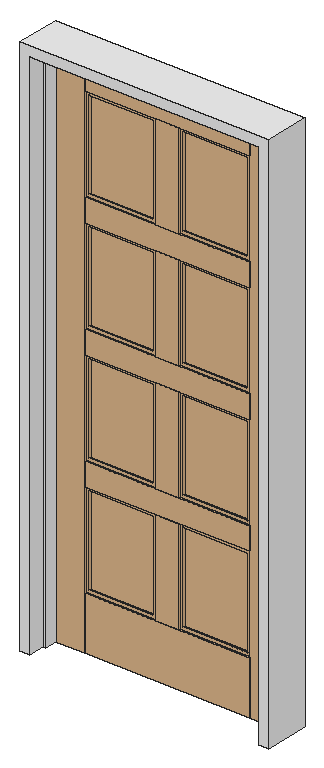
Revit family
Parameters (values of type "1 3/4" Flat Panel")
  URL = "http://www.karonadoor.com"
  Thickness Note = "Do not edit thickness."  # constant formula
  Thickness = 1.774"
  Swing Angle 2D = 90.00°
  SmartBIM Object Version = 1  # constant formula
  SmartBIM Object Created By = "Reed Construction Data"  # constant formula
  Rough Width = 0.000"
  Rough Height = 1.750"
  Panel = Panel_K5810_Karona : 1 3/4" - Flat Panel
  Model = "K5810 Mission"  # constant formula
  Manufacturer = "Karona , Inc."  # constant formula
  Detail Door Thickness = 1.750"
  Assembly Code = ""
  Top Rail Height = 5.000"
  Top Rail = Wood, Cherry - Grain Horizontal
  Stile Width = 5.063"
  Stile = Wood, Cherry - Grain Vertical
  Sticking = Wood, Cherry - Grain Vertical
  Middle Rail = Wood, Cherry - Grain Horizontal
  Height = 84.000"
  Wall Closure = (empty or 0)
  Width = 36.000"
  Frame = Metal
  Bottom Rail Height = 8.500"
  Bottom Rail = Wood, Cherry - Grain Horizontal
  95 CSI = "08210"  # constant formula
  04 CSI = "08 14 33"  # constant formula
Types (9): name | Thickness | Rough Height | Panel | Detail Door Thickness
  1 3/4" Flat Panel | 1.774" | 1.750" | Panel_K5810_Karona : 1 3/4" - Flat Panel | 1.750"
  1 3/8" Flat Panel | 1.334" | 0.000" | Panel_K5810_Karona : 1 3/8" - Flat Panel | 1.375"
  2 1/4" Flat Panel | 2.250" | 0.000" | Panel_K5810_Karona : 2 1/4" - Flat Panel | 2.250"
  1 3/4" Glass Panel | 1.774" | 1.750" | Panel_K5810_Karona : 1 3/4" - Glass Panel | 1.750"
  1 3/8" Glass Panel | 1.334" | 0.000" | Panel_K5810_Karona : 1 3/8" - Glass Panel | 1.375"
  2 1/4" Glass Panel | 2.250" | 0.000" | Panel_K5810_Karona : 2 1/4" - Glass | 2.250"
  1 3/4" Raised Panel | 1.774" | 1.750" | Panel_K5810_Karona : 1 3/4" - Raised Panel | 1.750"
  1 3/8" Raised Panel | 1.334" | 0.000" | Panel_K5810_Karona : 1 3/8" - Raised Panel | 1.375"
  2 1/4" Raised Panel | 2.250" | 0.000" | Panel_K5810_Karona : 2 1/4" - Raised Panel | 2.250"
Reference planes (in)
  plane 1 "Center (Front/Back)": y = 0
  plane 2 "Center (Left/Right)": x = 0
  plane 3 "Left": x = -18
  plane 4 "Right": x = 18
  plane 5 "Top": z = 84
  plane 6 "Exterior Edge of Frame": y = 3.5
  plane 7 "Interior Edge of Frame": y = -3.5
  plane 8: y = 1
  plane 9: y = -1
  plane 10 "Opening Left": x = -19.5
  plane 11 "Opening Right": x = 19.5
  plane 12 "Top of Opening": z = 85.5
  plane 13: x = -17.5
Forms (in)
  Sweep 1, solid, material "Metal" <- "Frame"
    path origin (0, 0, 0) x (1, 0, 0) y (0, 0, 1)
      loop
        line (-19.5, 0) -> (-19.5, 85.5) -> (19.5, 85.5) -> (19.5, 0)
    profile origin (-19.5, 0, 42.75) x (-1, 0, 0) y (0, -1, 0)
      loop
        line (0, -3.5) -> (0, 3.5) -> (-1.5, 3.5) -> (-1.5, 1) -> (-2, 1) -> (-2, -1) -> (-1.5, -1) -> (-1.5, -3.5) -> (0, -3.5)
Lines and regions (in)
  Opening 1
    outline origin (-90, -3, 0) x (1, 0, 0) y (0, 0, 1)
      loop
        line (70.5, 0) -> (109.5, 0) -> (109.5, 85.5) -> (70.5, 85.5) -> (70.5, 0)
  symbolic lines, style "Elevation Swing"
    curve 1: line (18, 3, 0) -> (-18, 3, 42)
    curve 2: line (-18, 3, 42) -> (18, 3, 84)
Text (in)
  text "Exterior" at (-46.13199, 20.20143, 0), in view "Ref. Level"
  text "Interior" at (-46.13199, -10.56751, 0), in view "Ref. Level"
  text "Exterior" at (0, 40.15149, 123.01588), in view "Right"
  text "Interior" at (0, -64.39139, 123.01588), in view "Right"
  text "Interior" at (0, -31.01599, 123.00693), in view "Left"
  text "Exterior" at (0, 54.57065, 123.00693), in view "Left"
Dimensions and locks (in)
  "Height": level to plane 5 "Top"
  "Width": plane 3 "Left" to plane 4 "Right"
  equal spacing: host wall, curve 2, plane 5 "Top"
  locked: host wall to plane 7 "Interior Edge of Frame" at 0.5
  locked: plane 6 "Exterior Edge of Frame" to host wall at 0.5
  locked: plane 9 to plane 7 "Interior Edge of Frame" at 2.5
  locked: plane 6 "Exterior Edge of Frame" to plane 8 at 2.5
  equal spacing: plane 3 "Left", plane 2 "Center (Left/Right)", plane 4 "Right"
  locked: plane 4 "Right" to plane 11 "Opening Right" at 1.5
  locked: plane 5 "Top" to plane 12 "Top of Opening" at 1.5
  locked: plane 3 "Left" to plane 13 at 0.5
  locked: plane 10 "Opening Left" to plane 3 "Left" at 1.5
  aligned and locked: Opening 1 sketch curve to level
  aligned and locked: plane 4 "Right" to curve 1
  aligned and locked: plane 3 "Left" to curve 1
  aligned and locked: plane 5 "Top" to curve 2
  aligned and locked: Opening 1 sketch curve to plane 11 "Opening Right"
  aligned and locked: plane 12 "Top of Opening" to Opening 1 sketch curve
  aligned and locked: Opening 1 sketch curve to plane 10 "Opening Left"
  aligned and locked: plane 10 "Opening Left" to Sweep 1 sketch curve
  aligned and locked: plane 12 "Top of Opening" to Sweep 1 sketch curve
  aligned and locked: plane 11 "Opening Right" to Sweep 1 sketch curve
  aligned and locked: level to Sweep 1 sketch curve  (x2)
  aligned and locked: Sweep 1 sketch curve to plane 10 "Opening Left"
  aligned and locked: Sweep 1 sketch curve to plane 6 "Exterior Edge of Frame"
  aligned and locked: Sweep 1 sketch curve to plane 7 "Interior Edge of Frame"
  aligned and locked: Sweep 1 sketch curve to plane 8
  aligned and locked: Sweep 1 sketch curve to plane 9
  aligned and locked: plane 13 to Sweep 1 sketch curve
  aligned and locked: plane 3 "Left" to Sweep 1 sketch curve  (x2)
  aligned and locked: nested 1 to plane 2 "Center (Left/Right)"
  aligned and locked: nested 1 to plane 8
  aligned and locked: nested 2 to plane 3 "Left"
  aligned and locked: nested 2 to plane 8
Automatic sketch dimensions
  curve 1 to level = 0.000"
  curve 2 to plane 4 "Right" = 0.000"
Nested families (in)
  nested 1: "Panel_K5810_Karona" at (-13.5, 0.6591, 0) x (-1, 0, 0) z (0, 0, 1), type <- "Panel", type "1 3/4" - Flat Panel"
    with Top Rail Height 5.000", Top Panel Offset 12.45313", Stile Width 5.063", Panel Width 11.1245", Panel Height 14.90625", Half Panel Width 5.56225", Half Panel Height 7.45313", Cross Rail and Panel Spacing Start 9.26562", Cross Rail Panel Height 18.53125", Bottom Rail Height 8.500"
  nested 2: "Door Panel Plan View" at (-31.5, 1, 0) x (-1, 0, 0) z (0, 0, 1), type "Door Panel Plan View"
    with Thickness 1.750", Height 84.000"
Definition of nested family "Panel_K5810_Karona"
  Parameters (values of type "1 3/4" - Flat Panel")
    Width = 36.000"
    Top Rail Material = Wood, Cherry - Grain Horizontal
    Top Rail Height = 10.000"
    Top Panel Offset = Top Rail Height + Half Panel Height  # 16.64063"
    Thickness Note = "Do not change door thickness"  # constant formula
    Thickness = 1.774"
    Stile Width = 8.000"
    Stile Material = Wood, Cherry - Grain Vertical
    Sticking Material = Wood, Cherry - Grain Vertical
    Panel Width = (Width - (3.625" + Stile Width + Stile Width)) / 2  # 8.1875"
    Panel Height = (Height - (Bottom Rail Height + Top Rail Height) - (3 * Mullion Width)) / 4  # 13.28125"
    Panel = Glass-Sticking-Assembly-Mission_Karona : Flat Panel
    Mullion Width = 3.625"  # constant formula
    Interior Panel = Wood, Cherry - Grain Vertical
    Height = 84.000"
    Half Panel Width = 0.5 * Panel Width  # 4.09375"
    Half Panel Height = 0.5 * Panel Height  # 6.64063"
    Exterior Edge - Glass Bottom Offset = if(Thickness = 1.774", 0.567", if(Thickness = 2.250", 0.803", 0.469"))  # 0.567"
    Door Panel Material = Wood, Cherry - Grain Vertical
    Default Elevation = 0.000"  # constant formula
    Cross Rail and Panel Spacing Start = Half Panel Height + 0.5 * (3.625")  # 8.45313"
    Cross Rail Panel Height = Panel Height + 3.625"  # 16.90625"
    Bottom Rail Material = Wood, Cherry - Grain Horizontal
    Bottom Rail Height = 10.000"
    Assembly Code = ""
  Types (9): name | Top Rail Height | Top Panel Offset | Thickness | Stile Width | Panel Width | Panel Height | Panel | Interior Panel | Half Panel Width | Half Panel Height | Exterior Edge - Glass Bottom Offset | Cross Rail and Panel Spacing Start | Cross Rail Panel Height | Bottom Rail Height
    2 1/4" - Flat Panel | 5.000" | 12.45313" | 2.250" | 5.250" | 10.9375" | 14.90625" | Glass-Sticking-Assembly-Mission_Karona : Flat Panel | Wood, Cherry - Grain Vertical | 5.46875" | 7.45313" | 0.803" | 9.26562" | 18.53125" | 8.500"
    2 1/4" - Glass | 5.000" | 12.45313" | 2.250" | 5.250" | 10.9375" | 14.90625" | Glass-Sticking-Assembly-Mission_Karona : Glass Panel | Glass | 5.46875" | 7.45313" | 0.803" | 9.26562" | 18.53125" | 8.500"
    2 1/4" - Raised Panel | 5.000" | 12.45313" | 2.250" | 5.250" | 10.9375" | 14.90625" | Glass-Sticking-Assembly-Mission_Karona : Raised Panel | Wood, Cherry - Grain Vertical | 5.46875" | 7.45313" | 0.803" | 9.26562" | 18.53125" | 8.500"
    1 3/4" - Raised Panel | 5.000" | 12.45313" | 1.774" | 5.250" | 10.9375" | 14.90625" | Glass-Sticking-Assembly-Mission_Karona : Raised Panel | Wood, Cherry - Grain Vertical | 5.46875" | 7.45313" | 0.567" | 9.26562" | 18.53125" | 8.500"
    1 3/4" - Flat Panel | 10.000" | 16.64063" | 1.774" | 8.000" | 8.1875" | 13.28125" | Glass-Sticking-Assembly-Mission_Karona : Flat Panel | Wood, Cherry - Grain Vertical | 4.09375" | 6.64063" | 0.567" | 8.45313" | 16.90625" | 10.000"
    1 3/4" - Glass Panel | 5.000" | 12.45313" | 1.774" | 5.250" | 10.9375" | 14.90625" | Glass-Sticking-Assembly-Mission_Karona : Glass Panel | Glass | 5.46875" | 7.45313" | 0.567" | 9.26562" | 18.53125" | 8.500"
    1 3/8" - Raised Panel | 5.000" | 12.45313" | 1.334" | 5.250" | 10.9375" | 14.90625" | Glass-Sticking-Assembly-Mission_Karona : Raised Panel | Wood, Cherry - Grain Vertical | 5.46875" | 7.45313" | 0.469" | 9.26562" | 18.53125" | 8.500"
    1 3/8" - Glass Panel | 5.000" | 12.45313" | 1.334" | 5.250" | 10.9375" | 14.90625" | Glass-Sticking-Assembly-Mission_Karona : Glass Panel | Glass | 5.46875" | 7.45313" | 0.469" | 9.26562" | 18.53125" | 8.500"
    1 3/8" - Flat Panel | 5.000" | 12.45313" | 1.334" | 5.250" | 10.9375" | 14.90625" | Glass-Sticking-Assembly-Mission_Karona : Flat Panel | Wood, Cherry - Grain Horizontal | 5.46875" | 7.45313" | 0.469" | 9.26562" | 18.53125" | 8.500"
  Reference planes (in)
    plane 1 "Center (Front/Back)": y = 1.2279
    plane 2: z = 0
    plane 3 "Center (Left/Right)": x = -13.5
    plane 4 "Left": x = -31.5
    plane 5: x = 4.5
    plane 6 "Inner Left": x = -23.5
    plane 7 "Inner Right": x = -3.5
    plane 8: z = 10
    plane 9 "Bottom Of Top Rail": z = 74
    plane 10 "Top": z = 84
    plane 11 "Interior Edge of Door": y = 2.1149
    plane 12: z = 74
    plane 13 "Exterior Edge of Door": y = 0.3409
    plane 14 "Bottom of Glass": y = 0.9095
    plane 15 "Left Panel Vertical Midline": x = -19.40625
    plane 16 "Right Panel Vertical Midline": x = -7.59375
    plane 17 "Center of Left Vertical Mullion": x = -17.14075
    plane 18 "Center of Right Vertical Mullion": x = -9.85925
    plane 19 "Horizontal Midline Panel 2": z = 66.78125
    plane 20 "Horizontal Midline Panel 3": z = 43.8125
    plane 21 "Horizontal Midline Panel 4": z = 40.1875
    plane 22 "Horizontal Midline Panel 5": z = 25.09375
    plane 23 "Cross Rail 3": z = 45.9375
    plane 24 "Cross Rail 4": z = 26.90625
    plane 25 "Cross Rail Bottom": z = 23.28125
    plane 26 "Horizontal Midline Panel 6": z = 16.64063
    plane 27: z = 67.35938
    plane 28 "Cross Rail 2": z = 57.09375
    plane 29 "Cross Rail Top": z = 60.71875
    plane 30: z = 50.45313
    plane 31: z = 33.54688
    plane 32: x = -15.313
    plane 33: x = -11.688
  Forms (in)
    Extrusion 1, solid, material "Wood, Cherry - Grain Horizontal" <- "Bottom Rail Material"
      sketch origin (0, -101.3125, 0) x (1, 0, 0) y (0, 0, 1)
        loop
          line (-23.5, 0) -> (-3.5, 0) -> (-3.5, 10) -> (-23.5, 10) -> (-23.5, 0)
      from -101.6534 to -103.4274
    Extrusion 2, solid, material "Wood, Cherry - Grain Vertical" <- "Stile Material"
      sketch origin (0, 1.2279, 0) x (1, 0, 0) y (0, 0, 1)
        loop
          line (-31.5, 84) -> (-31.5, 0) -> (-23.5, 0) -> (-23.5, 84) -> (-31.5, 84)
        loop
          line (-3.5, 0) -> (4.5, 0) -> (4.5, 84) -> (-3.5, 84) -> (-3.5, 0)
      from 0.887 to -0.887
    Extrusion 3, solid, material "Wood, Cherry - Grain Horizontal" <- "Top Rail Material"
      sketch origin (0, 1.2279, 0) x (1, 0, 0) y (0, 0, 1)
        loop
          line (-23.5, 84) -> (-23.5, 74) -> (-3.5, 74) -> (-3.5, 84) -> (-23.5, 84)
      from 0.887 to -0.887
    Extrusion 4, solid, material "Wood, Cherry - Grain Horizontal" <- "Top Rail Material"
      sketch origin (-3.55, 1.5475, 73.95) x (0, 0, -1) y (0, -1, 0)
        loop
          line (13.23125, -0.5674) -> (16.85625, -0.5674) -> (16.85625, 1.2066) -> (13.23125, 1.2066) -> (13.23125, -0.5674)
        loop
          line (50.66875, 1.2066) -> (47.04375, 1.2066) -> (47.04375, -0.5674) -> (50.66875, -0.5674) -> (50.66875, 1.2066)
        loop
          line (30.1375, -0.5674) -> (33.7625, -0.5674) -> (33.7625, 1.2066) -> (30.1375, 1.2066) -> (30.1375, -0.5674)
      from -0.05 to 19.95
    Extrusion 5, solid, material "Wood, Cherry - Grain Vertical" <- "Stile Material"
      sketch origin (0, 1.2279, 0) x (1, 0, 0) y (0, 0, 1)
        loop
          line (-15.313, 74) -> (-15.313, 60.71875) -> (-11.688, 60.71875) -> (-11.688, 74) -> (-15.313, 74)
        loop
          line (-15.313, 10) -> (-11.688, 10) -> (-11.688, 23.28125) -> (-15.313, 23.28125) -> (-15.313, 10)
        loop
          line (-15.313, 57.09375) -> (-15.313, 43.8125) -> (-11.688, 43.8125) -> (-11.688, 57.09375) -> (-15.313, 57.09375)
        loop
          line (-15.313, 40.1875) -> (-15.313, 26.90625) -> (-11.688, 26.90625) -> (-11.688, 40.1875) -> (-15.313, 40.1875)
      from -0.887 to 0.887
  Text (in)
    text "EXTERIOR" at (-34.59289, -1.27941, 0), in view "Ref. Level"
    text "EXTERIOR" at (0, -9.65287, 72.76687), in view "Left"
    text "EXTERIOR" at (0, -33.33473, 96.68074), in view "Right"
  Dimensions and locks (in)
    equal spacing: plane 4 "Left", plane 3 "Center (Left/Right)", plane 5
    "Width": plane 4 "Left" to plane 5
    "Stile Width": plane 4 "Left" to plane 6 "Inner Left"
    "Stile Width": plane 5 to plane 7 "Inner Right"
    "Bottom Rail Height": plane 8 to plane 2
    "Top Rail Height": plane 10 "Top" to plane 9 "Bottom Of Top Rail"
    "Height": plane 10 "Top" to plane 2
    equal spacing: plane 11 "Interior Edge of Door", plane 1 "Center (Front/Back)", plane 13 "Exterior Edge of Door"
    "Thickness": plane 11 "Interior Edge of Door" to plane 13 "Exterior Edge of Door"
    plane 14 "Bottom of Glass" to plane 13 "Exterior Edge of Door" = 0.5686"
    plane 13 "Exterior Edge of Door" to plane 14 "Bottom of Glass" = 0.5686"
    "Half Panel Width": plane 15 "Left Panel Vertical Midline" to plane 6 "Inner Left"
    "Half Panel Width": plane 7 "Inner Right" to plane 16 "Right Panel Vertical Midline"
    "Half Panel Height": plane 26 "Horizontal Midline Panel 6" to plane 8
    "Half Panel Height": plane 31 to plane 24 "Cross Rail 4"
    "Half Panel Height": plane 30 to plane 20 "Horizontal Midline Panel 3"
    "Mullion Width": plane 20 "Horizontal Midline Panel 3" to plane 21 "Horizontal Midline Panel 4"
    "Mullion Width": plane 29 "Cross Rail Top" to plane 28 "Cross Rail 2"
    "Mullion Width": plane 24 "Cross Rail 4" to plane 25 "Cross Rail Bottom"
    "Half Panel Height": plane 27 to plane 29 "Cross Rail Top"
    "Thickness": Extrusion 4 sketch curve to Extrusion 4 sketch curve  (x3)
    "Mullion Width": Extrusion 4 sketch curve to Extrusion 4 sketch curve  (x3)
    equal spacing: plane 12, plane 27, plane 29 "Cross Rail Top"
    equal spacing: plane 28 "Cross Rail 2", plane 30, plane 20 "Horizontal Midline Panel 3"
    equal spacing: plane 21 "Horizontal Midline Panel 4", plane 31, plane 24 "Cross Rail 4"
    plane 25 "Cross Rail Bottom" to plane 26 "Horizontal Midline Panel 6" to plane 8 = 6.64062", 6.64062"
    equal spacing: plane 19 "Horizontal Midline Panel 2", plane 23 "Cross Rail 3", plane 22 "Horizontal Midline Panel 5"
    equal spacing: plane 24 "Cross Rail 4", plane 22 "Horizontal Midline Panel 5", plane 25 "Cross Rail Bottom"
    "Mullion Width": plane 33 to plane 32
    equal spacing: plane 16 "Right Panel Vertical Midline", plane 3 "Center (Left/Right)", plane 15 "Left Panel Vertical Midline"
    aligned and locked: Extrusion 1 to plane 2
    aligned and locked: plane 4 "Left" to Extrusion 2 sketch curve
    aligned and locked: Extrusion 2 sketch curve to plane 10 "Top"
    aligned and locked: Extrusion 2 sketch curve to Extrusion 1  (x3)
    aligned and locked: Extrusion 1 to Extrusion 2 sketch curve
    aligned and locked: plane 10 "Top" to Extrusion 2 sketch curve
    aligned and locked: plane 5 to Extrusion 2 sketch curve
    aligned and locked: Extrusion 2 to Extrusion 3 sketch curve
    aligned and locked: Extrusion 3 sketch curve to Extrusion 2
    aligned and locked: plane 12 to plane 9 "Bottom Of Top Rail"
    aligned and locked: level to plane 2
    aligned and locked: Extrusion 3 to plane 12  (x2)
    aligned and locked: Extrusion 1 to Extrusion 2
    aligned and locked: nested 1 to plane 16 "Right Panel Vertical Midline"
    aligned and locked: plane 16 "Right Panel Vertical Midline" to nested 4
    aligned and locked: plane 16 "Right Panel Vertical Midline" to nested 3
    aligned and locked: plane 16 "Right Panel Vertical Midline" to nested 2
    aligned and locked: plane 8 to Extrusion 1  (x2)
    aligned and locked: nested 3 to plane 20 "Horizontal Midline Panel 3"
    aligned and locked: nested 2 to plane 24 "Cross Rail 4"
    aligned and locked: nested 1 to plane 8
    aligned and locked: nested 1 to plane 1 "Center (Front/Back)"
    aligned and locked: nested 2 to plane 1 "Center (Front/Back)"
    aligned and locked: nested 3 to plane 1 "Center (Front/Back)"
    aligned and locked: plane 11 "Interior Edge of Door" to Extrusion 3
    aligned and locked: Extrusion 3 to plane 13 "Exterior Edge of Door"
    aligned and locked: Extrusion 2 to plane 13 "Exterior Edge of Door"
    aligned and locked: plane 11 "Interior Edge of Door" to Extrusion 2
    aligned and locked: plane 29 "Cross Rail Top" to Extrusion 4 sketch curve
    aligned and locked: Extrusion 4 sketch curve to plane 13 "Exterior Edge of Door"
    aligned and locked: Extrusion 4 sketch curve to plane 21 "Horizontal Midline Panel 4"
    aligned and locked: Extrusion 4 sketch curve to plane 25 "Cross Rail Bottom"
    aligned and locked: plane 28 "Cross Rail 2" to Extrusion 4
    aligned and locked: Extrusion 1 to plane 13 "Exterior Edge of Door"
    aligned and locked: plane 11 "Interior Edge of Door" to Extrusion 1
    aligned and locked: Extrusion 5 sketch curve to plane 12
    aligned and locked: Extrusion 5 sketch curve to plane 8
    aligned and locked: plane 29 "Cross Rail Top" to Extrusion 5 sketch curve
    aligned and locked: plane 28 "Cross Rail 2" to Extrusion 5 sketch curve
    aligned and locked: Extrusion 5 sketch curve to plane 20 "Horizontal Midline Panel 3"
    aligned and locked: Extrusion 5 sketch curve to plane 21 "Horizontal Midline Panel 4"
    aligned and locked: Extrusion 5 sketch curve to plane 24 "Cross Rail 4"
    aligned and locked: Extrusion 5 sketch curve to plane 25 "Cross Rail Bottom"
    aligned and locked: plane 11 "Interior Edge of Door" to Extrusion 5
    aligned and locked: Extrusion 5 to plane 13 "Exterior Edge of Door"
    aligned and locked: plane 33 to Extrusion 5 sketch curve  (x4)
    aligned and locked: Extrusion 5 sketch curve to plane 32  (x4)
    aligned and locked: Extrusion 5 to plane 32  (x4)
    aligned and locked: nested 6 to plane 31
    aligned and locked: nested 7 to plane 30
    aligned and locked: nested 5 to plane 26 "Horizontal Midline Panel 6"
    aligned and locked: nested 8 to plane 27
    aligned and locked: plane 27 to nested 4
    aligned and locked: Extrusion 4 to plane 6 "Inner Left"
    aligned and locked: plane 7 "Inner Right" to Extrusion 4
    aligned and locked: plane 15 "Left Panel Vertical Midline" to nested 8
    aligned and locked: plane 15 "Left Panel Vertical Midline" to nested 7
    aligned and locked: plane 15 "Left Panel Vertical Midline" to nested 6
    aligned and locked: nested 5 to plane 15 "Left Panel Vertical Midline"
  Automatic sketch dimensions
    Extrusion 1 sketch curve to plane 6 "Inner Left" = 0.000"
    Extrusion 1 sketch curve to plane 7 "Inner Right" = 0.000"
    Extrusion 1 sketch curve to level = 0.000"
    Extrusion 1 sketch curve to plane 8 = 0.000"
    Extrusion 3 sketch curve to plane 7 "Inner Right" = 0.000"
    plane 9 "Bottom Of Top Rail" to Extrusion 3 sketch curve = 0.000"
    Extrusion 4 sketch curve to Extrusion 4 sketch curve = 0.000"  (x2)
  Nested families (in)
    nested 1: "Glass-Sticking-Assembly-Mission_Karona" at (-8.0625, 1.3784, 10), Width <- "Panel Width", Height <- "Panel Height", type <- "Panel", type "Flat Panel"
      with Width 8.1875", Height 13.28125"
    nested 2: "Glass-Sticking-Assembly-Mission_Karona" at (-8.0625, 1.3784, 26.90625), Width <- "Panel Width", Height <- "Panel Height", type <- "Panel", type "Flat Panel"
      with Width 8.1875", Height 13.28125"
    nested 3: "Glass-Sticking-Assembly-Mission_Karona" at (-8.0625, 1.3784, 43.8125), Width <- "Panel Width", Height <- "Panel Height", type <- "Panel", type "Flat Panel"
      with Width 8.1875", Height 13.28125"
    nested 4: "Glass-Sticking-Assembly-Mission_Karona" at (-8.0625, 1.38, 60.71875), Width <- "Panel Width", Height <- "Panel Height", type <- "Panel", type "Flat Panel"
      with Width 8.1875", Height 13.28125"
    nested 5: "Glass-Sticking-Assembly-Mission_Karona" at (-18.9375, 1.3784, 10) x (-1, 0, 0) z (0, 0, 1), Width <- "Panel Width", Height <- "Panel Height", type <- "Panel", type "Flat Panel"
      with Width 8.1875", Height 13.28125"
    nested 6: "Glass-Sticking-Assembly-Mission_Karona" at (-18.9375, 1.3784, 26.90625) x (-1, 0, 0) z (0, 0, 1), Width <- "Panel Width", Height <- "Panel Height", type <- "Panel", type "Flat Panel"
      with Width 8.1875", Height 13.28125"
    nested 7: "Glass-Sticking-Assembly-Mission_Karona" at (-18.9375, 1.3784, 43.8125) x (-1, 0, 0) z (0, 0, 1), Width <- "Panel Width", Height <- "Panel Height", type <- "Panel", type "Flat Panel"
      with Width 8.1875", Height 13.28125"
    nested 8: "Glass-Sticking-Assembly-Mission_Karona" at (-18.9375, 1.38, 60.71875) x (-1, 0, 0) z (0, 0, 1), Width <- "Panel Width", Height <- "Panel Height", type <- "Panel", type "Flat Panel"
      with Width 8.1875", Height 13.28125"
  Definition of nested family "Glass-Sticking-Assembly-Mission_Karona"
    Parameters (values of type "Glass Panel")
      Width [instance] = 25.000"
      Stop Adjustment = if(and(not(Glass Panel), Door Thickness = 1.774"), 0.513", if(and(not(Glass Panel), Door Thickness = 2.250"), 0.513", if((Glass Panel), 0.125", 0.273")))  # 0.125"
      Profile = Wood, Cherry - Grain Vertical
      Height [instance] = 23.000"
      Raised Panel = no
      Interior Panel = Wood, Cherry - Grain Vertical
      Glass Panel = yes
      Door Thickness = 1.774"
      C = if(Door Thickness = 1.774", 0.200", if(Door Thickness = 2.250", 0.439", 0.191"))  # 0.200"
      B = if(Door Thickness = 1.774", 0.567", if(Door Thickness = 2.250", 0.803", 0.469"))  # 0.567"
      Assembly Code = ""
      A = if(Door Thickness = 1.774", 0.197", if(Door Thickness = 2.250", 0.433", 0.194"))  # 0.197"
    Types (3): name | Width | Stop Adjustment | Height | Raised Panel | Glass Panel
      Glass Panel | 25.000" | 0.125" | 23.000" | no | yes
      Flat Panel | 4.500" | 0.513" | 23.000" | no | no
      Raised Panel | 4.000" | 0.513" | 4.000" | yes | no
    Reference planes (in)
      plane 1 "Stop Adjustment Edge": y = -0.3455
      plane 2: z = 0
      plane 3 "Center (Left/Right)": x = 0.46875
      plane 4 "Back": y = 0.7365
      plane 5 "Front": y = -1.0375
      plane 6 "Left": x = -12.03125
      plane 7 "Right": x = 12.96875
      plane 8 "Top": z = 23
      plane 9 "Center (Up/Down)": z = 11.5
      plane 10 "Bottom of Stop": y = -0.2205
      plane 11 "Bottom of Glass": y = -0.4705
      plane 12 "Right Edge of Glass": x = 12.91875
      plane 13 "Left Edge of Glass": x = -11.98125
      plane 14 "Top Edge of Glass": z = 22.90625
      plane 15 "Bottom Edge of Glass": z = 0.09375
      plane 16: x = 12.84375
      plane 17: x = 9.40625
      plane 18 "A": y = -0.8405
      plane 19 "C": y = 0.5365
      plane 20: z = 0.438
      plane 21: z = 22.562
      plane 22: x = -11.59325
      plane 23: x = 12.53075
      plane 24 "Center (Front/Back)": y = -0.1505
    Forms (in)
      Sweep 1, solid, material "Wood, Cherry - Grain Vertical" <- "Profile"
        path origin (0, -0.3455, 0) x (1, 0, 0) y (0, 0, 1)
          loop
            line (12.96875, 23) -> (-12.03125, 23) -> (-12.03125, 0) -> (12.96875, 0) -> (12.96875, 23)
        profile origin (12.96875, -0.3455, 11.5) x (0, -1, 0) y (1, 0, 0)
          loop
            line (-0.882, 0) -> (-0.882, -0.438) -> (-0.125, -0.438) -> (-0.125, -0.05) -> (0.125, -0.05) -> (0.125, -0.438) -> (0.495, -0.438) -> (0.495, 0) -> (-0.882, 0)
      Extrusion 2, solid, material "Wood, Cherry - Grain Vertical" <- "Interior Panel"
        sketch origin (0, 0, 0) x (1, 0, 0) y (0, 1, 0)
          loop
            line (-11.98125, -0.2205) -> (-11.98125, -0.4705) -> (12.91875, -0.4705) -> (12.91875, -0.2205) -> (-11.98125, -0.2205)
        from 0.09375 to 22.90625
      Extrusion 3, solid, material "Wood, Cherry - Grain Vertical" <- "Profile", visible <- "Raised Panel"
        sketch origin (0, 0, 0) x (1, 0, 0) y (0, 1, 0)
          loop
            line (12.53075, 0.5365) -> (-11.59325, 0.5365) -> (-11.59325, -0.2205) -> (12.53075, -0.2205) -> (12.53075, 0.5365)
          loop
            line (-11.59325, -0.4705) -> (-11.59325, -0.8405) -> (12.53075, -0.8405) -> (12.53075, -0.4705) -> (-11.59325, -0.4705)
        from 0.438 to 22.562
      Sweep 4, void
        path origin (0, -0.2205, 0) x (-1, 0, 0) y (0, 0, 1)
          loop
            line (12.03125, 0) -> (12.03125, 23) -> (-12.96875, 23) -> (-12.96875, 0) -> (12.03125, 0)
        profile "Profile : 05" origin (-12.03125, -0.2205, 11.5) x (1, 0, 0) y (0, 1, 0)
          loop
            line (0, 0.05) -> (0.36169, 0.05096)
            arc (0.36169, 0.05096) -> (1.01257, 0.13642) -> (1.61934, 0.387) r 2.52143
            line (1.61934, 0.387) -> (0, 0.387) -> (0, 0.05)
      Sweep 5, void
        path origin (0, -0.4705, 0) x (-1, 0, 0) y (0, 0, 1)
          loop
            line (-12.96875, 23) -> (-12.96875, 0) -> (12.03125, 0) -> (12.03125, 23) -> (-12.96875, 23)
        profile "Profile : 05" origin (12.96875, -0.4705, 11.5) x (-1, 0, 0) y (0, 1, 0)
          loop
            line (0, -0.05) -> (0, -0.387) -> (1.61934, -0.387)
            arc (1.61934, -0.387) -> (1.01257, -0.13642) -> (0.36169, -0.05096) r 2.52143
            line (0.36169, -0.05096) -> (0, -0.05)
    Cuts and joins
      Sweep 4, Sweep 5 cuts Extrusion 3
    Text (in)
      text "INTERIOR" at (-14.3788, 3.49864, 0), in view "Ref. Level"
    Dimensions and locks (in)
      equal spacing: plane 6 "Left", plane 3 "Center (Left/Right)", plane 7 "Right"
      "Width": plane 6 "Left" to plane 7 "Right"
      "Door Thickness": plane 4 "Back" to plane 5 "Front"
      "Height": plane 8 "Top" to plane 2
      equal spacing: plane 8 "Top", plane 9 "Center (Up/Down)", level
      locked: plane 1 "Stop Adjustment Edge" to plane 11 "Bottom of Glass" at 0.125
      "Stop Adjustment": plane 10 "Bottom of Stop" to plane 1 "Stop Adjustment Edge"
      locked: plane 12 "Right Edge of Glass" to plane 7 "Right" at 0.05
      locked: plane 8 "Top" to plane 14 "Top Edge of Glass" at 0.09375
      locked: plane 15 "Bottom Edge of Glass" to level at 0.09375
      locked: plane 6 "Left" to plane 13 "Left Edge of Glass" at 0.05
      "B": plane 5 "Front" to plane 11 "Bottom of Glass"
      locked: plane 16 to plane 7 "Right" at 0.125
      "A": plane 5 "Front" to plane 18 "A"
      "C": plane 19 "C" to plane 4 "Back"
      plane 4 "Back" to Sweep 1 = 0.957"
      locked: plane 20 to level at 0.438
      locked: plane 8 "Top" to plane 21 at 0.438
      locked: plane 6 "Left" to plane 22 at 0.438
      locked: plane 23 to plane 7 "Right" at 0.438
      equal spacing: plane 4 "Back", plane 24 "Center (Front/Back)", plane 5 "Front"
      aligned and locked: Sweep 1 sketch curve to plane 7 "Right"
      aligned and locked: Sweep 1 sketch curve to plane 8 "Top"
      aligned and locked: Sweep 1 sketch curve to plane 6 "Left"
      aligned and locked: Sweep 1 sketch curve to level
      aligned and locked: plane 7 "Right" to Sweep 1 sketch curve
      aligned and locked: plane 10 "Bottom of Stop" to Sweep 1 sketch curve
      aligned and locked: plane 11 "Bottom of Glass" to Sweep 1 sketch curve
      aligned and locked: plane 18 "A" to Sweep 1 sketch curve
      aligned and locked: Sweep 1 sketch curve to plane 19 "C"
      aligned and locked: Extrusion 2 sketch curve to plane 13 "Left Edge of Glass"
      aligned and locked: Extrusion 2 sketch curve to plane 10 "Bottom of Stop"
      aligned and locked: Extrusion 2 sketch curve to plane 11 "Bottom of Glass"
      aligned and locked: Extrusion 2 sketch curve to plane 12 "Right Edge of Glass"
      aligned and locked: plane 14 "Top Edge of Glass" to Extrusion 2
      aligned and locked: Extrusion 2 to plane 15 "Bottom Edge of Glass"
      aligned and locked: Extrusion 3 sketch curve to plane 19 "C"
      aligned and locked: Extrusion 3 sketch curve to plane 10 "Bottom of Stop"
      aligned and locked: Extrusion 3 sketch curve to plane 11 "Bottom of Glass"
      aligned and locked: Extrusion 3 sketch curve to plane 18 "A"
      aligned and locked: Extrusion 3 to plane 20
      aligned and locked: Extrusion 3 to plane 21
      aligned and locked: plane 12 "Right Edge of Glass" to Sweep 1 sketch curve
      aligned and locked: plane 23 to Extrusion 3 sketch curve  (x2)
      aligned and locked: Extrusion 3 sketch curve to plane 22  (x2)
      aligned and locked: plane 23 to Sweep 1 sketch curve  (x2)
      aligned and locked: Sweep 5 sketch curve to plane 6 "Left"
      aligned and locked: plane 8 "Top" to Sweep 5 sketch curve
      aligned and locked: Sweep 5 sketch curve to plane 7 "Right"
      aligned and locked: level to Sweep 5 sketch curve
      aligned and locked: Sweep 4 sketch curve to plane 7 "Right"
      aligned and locked: plane 8 "Top" to Sweep 4 sketch curve
      aligned and locked: Sweep 4 sketch curve to plane 6 "Left"
      aligned and locked: level to Sweep 4 sketch curve
Definition of nested family "Door Panel Plan View"
  Parameters (values of type "Door Panel Plan View")
    Width = 36.000"
    Thickness = 2.000"
    Swing Angle 2D = 90.00°
    Height = 0.000"
    Assembly Code = ""
  Reference planes (in)
    plane 1 "Center (Front/Back)": y = 0
    plane 2: z = 0
    plane 3 "Center (Left/Right)": x = -13.5
  Lines and regions (in)
    symbolic lines, style "DoorsPanelProjection"
      curve 1: line (-13.5, 0, 0) -> (-13.5, 36, 0)
      curve 2: line (-15.5, 0, 0) -> (-15.5, 36, 0)
      curve 3: line (-13.5, 0, 0) -> (-15.5, 0, 0)
      curve 4: line (-13.5, 36, 0) -> (-15.5, 36, 0)
    symbolic lines, style "Plan Swing"
      curve 5: arc (-13.5, 36, 0) -> (-38.95584, 25.45584, 0) -> (-49.5, 0, 0) r 36
  Dimensions and locks (in)
    "Width": curve 4 to curve 3
    "Thickness": curve 1 to curve 2
    "Swing Angle 2D": angle curve 1 to plane 1 "Center (Front/Back)"
    aligned and locked: plane 1 "Center (Front/Back)" to curve 5
  Automatic sketch dimensions
    curve 3 to plane 1 "Center (Front/Back)" = 0.000"
    curve 5 to plane 3 "Center (Left/Right)" = 0.000"
    curve 3 to plane 3 "Center (Left/Right)" = 0.000"
